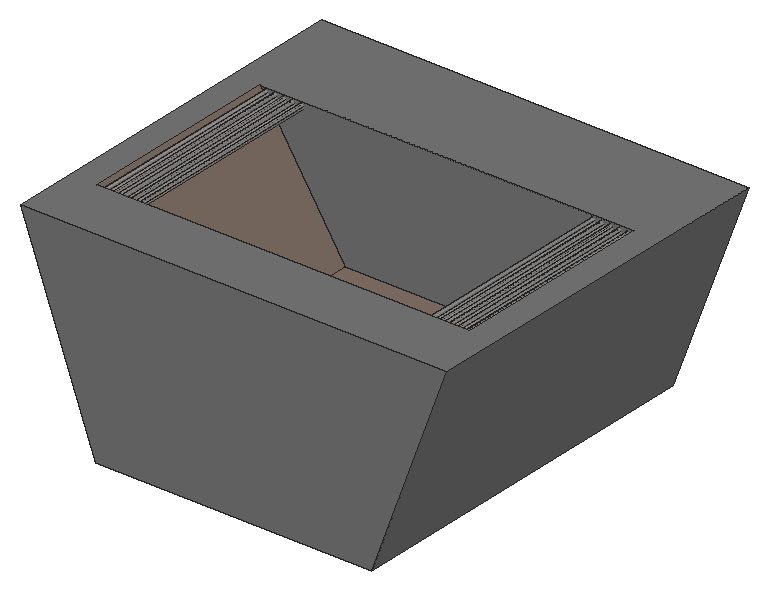
Revit family "Fireplace_Wood_HeatNGlo_Montana", category Mechanical Equipment, host Face, Revit 2015
Parameters (values of type "42x24 Viewing Area Gas Burning LP")
  topventrad [instance] = Top Vent Diameter / 2  # 0' - 4"
  Warranty Duration (Years) = 0
  Unit Width = 4' - 0"
  Unit Weight = 250
  Unit Height = 3' - 6 3/8"
  Unit Depth = 1' - 11"
  URL = "http://www.heatnglo.com/"
  Test Data = ""
  Standards Conformance = "as Specified"
  Specification = "http://www.arcat.com/sdspecs/htm04/10_31_06hng.htm"
  SpecWizard = ""
  Send Message = "http://www.arcat.com/users.pl?action=UserEmail&amp;company=Heat+and+Glo<sup><small></small></sup>&amp;coid=33011&amp;rep=144&amp;fax=&amp;mf=95"
  Sales Information = "http://www.heatnglo.com/Contact-Us.aspx"
  Safety Screen Material [instance] = Metal - HeatNGlo - Steel Screen
  Revision = "R2_2014-11"
  Recess Into Host [instance] = 2' - 0"
  Rear Wall Finish [instance] = Masonry - HeatNGlo - Brick as Specified
  Rear Width = 2' - 7"
  Product Properties = ""
  Product Data = "http://www.arcat.com/arcatcos/cos33/arc33011.html"
  Opening Width = 3' - 6"
  Opening Height = 1' - 11 1/2"
  Mounting Height [instance] = 1' - 10.76867"
  Model = "MONTANA-42"
  Manufacturer Website = "http://www.heatnglo.com/"
  Manufacturer Phone - Toll Free = "800-669-HEAT (4328)"
  Manufacturer Phone = ""
  Manufacturer Fax = ""
  Manufacturer Address = "7571 215th St. W.  Lakeville, MN 55044"
  Manufacturer = "Heat & Glo"
  Maintenance Schedule (Months) = 0
  Keynote = "10305"
  Installation-Fabrication = ""
  Installation Phase = ""
  Include Bifold Door [instance] = yes
  Heating Capacity = "as Specified"
  HVAC_BTU Output = 0.0 Btu/h
  HVAC_BTU Input = 0.0 Btu/h
  Green Building-LEED = ""
  Glazing Tint [instance] = Glazing - HeatNGlo - Clear
  Fuel Type = "LP"
  Fuel Consumption = "as Specified"
  Fixture Finish = Metal - HeatNGlo - Metallic Black
  Expected Lifespan (Years) = 0
  Top Vent Diameter [instance] = 0' - 8"
  Efficiency Ratings = "as Specified"
  Drawn By = "Sumex Design, Inc. / Robert S. Weygant, CSI, CDT, SCIP"
  Door Finish [instance] = Metal - HeatNGlo - Bronze
  Description = "Heat & Glo Gas Burning Outdoor Fireplace - MONTANA-42 as Specified"
  Default Elevation = 0' - 0"
  Copyright = "©Arcat Inc."
  Construction Details = "http://www.arcat.com/details/heatnglo/heatnglo.html?coid=33011"
  Building Codes = ""
  Assembly Code = "D3020"
Types (6): name | Unit Width | Unit Weight | Rear Width | Opening Width | Model | Fuel Type | Description
  42x24 Viewing Area Gas Burning LP | 4' - 0" | 250 | 2' - 7" | 3' - 6" | "MONTANA-42" | "LP" | "Heat & Glo Gas Burning Outdoor Fireplace - MONTANA-42 as Specified"
  42x24 Viewing Area Gas Burning NG | 4' - 0" | 250 | 2' - 7" | 3' - 6" | "MONTANA-42" | "NG" | "Heat & Glo Gas Burning Outdoor Fireplace - MONTANA-42 as Specified"
  42x24 Viewing Area Wood Burning | 4' - 0" | 250 | 2' - 7" | 3' - 6" | "MONTANA-42" | "Wood" | "Heat & Glo Woodburning Outdoor Fireplace - MONTANA-42 as Specified"
  36x24 Viewing Area Gas Burning LP | 3' - 6" | 221 | 2' - 1" | 3' - 0" | "MONTANA-36" | "LP" | "Heat & Glo Gas Burning Outdoor Fireplace - MONTANA-36 as Specified"
  36x24 Viewing Area Gas Burning NG | 3' - 6" | 221 | 2' - 1" | 3' - 0" | "MONTANA-36" | "NG" | "Heat & Glo Gas Burning Outdoor Fireplace - MONTANA-36 as Specified"
  36x24 Viewing Area Wood Burning | 3' - 6" | 221 | 2' - 1" | 3' - 0" | "MONTANA-36" | "Wood" | "Heat & Glo Woodburning Outdoor Fireplace - MONTANA-36 as Specified"
Reference planes (in)
  plane 1 "Opening CL": y = 0
  plane 2: z = 0
  plane 3 "Center (Left/Right)": x = 0
  plane 4: z = -24
  plane 5 "Front": z = -1
  plane 6: x = -21
  plane 7: x = 21
  plane 8: y = 11.8125
  plane 9 "FF": y = -41.20617
  plane 10: y = -18.4375
  plane 11: y = -11.6875
  plane 12: x = -15.5
  plane 13: x = 15.5
  plane 14: x = -24
  plane 15: x = 24
  plane 16: x = -22.9375
  plane 17: x = 22.9375
Forms (in)
  Extrusion 1, void
    sketch origin (0, 0, 0) x (1, 0, 0) y (0, 1, 0)
      loop
        line (24, 20.3125) -> (-24, 20.3125) -> (-24, -18.4375) -> (24, -18.4375) -> (24, 20.3125)
    from -24 to 5.63952
  Extrusion 2, solid, material "Metal - HeatNGlo - Metallic Black" <- "Fixture Finish"
    sketch origin (-6.5, -18.4375, 48) x (1, 0, 0) y (0, 0, 1)
      loop
        line (-9, -72) -> (22, -72) -> (30.5, -49) -> (-17.5, -49) -> (-9, -72)
    from 0 to -7
  Extrusion 3, solid, material "Metal - HeatNGlo - Metallic Black" <- "Fixture Finish"
    sketch origin (0, 0, 0) x (1, 0, 0) y (0, 0, 1)
      loop
        line (-24, -1) -> (-15.5, -24) -> (15.5, -24) -> (24, -1) -> (21, -1) -> (11.5, -16) -> (-11.5, -16) -> (-21, -1) -> (-24, -1)
    from -11.8125 to 11.6875
  Extrusion 4, solid, material "Metal - HeatNGlo - Metallic Black" <- "Fixture Finish"
    sketch origin (-6.5, -18.4375, 48) x (1, 0, 0) y (0, 0, 1)
      loop
        line (-9, -72) -> (22, -72) -> (30.5, -49) -> (-17.5, -49) -> (-9, -72)
    from -30 to -42.375
  Extrusion 5, solid, material "Metal - HeatNGlo - Steel Screen" <- "Safety Screen Material"
    sketch origin (-21.8749, -11.6875, 48) x (-1, 0, 0) y (0, 0, 1)
      loop
        arc (-1.25201, -49.5625) -> (-1.50201, -49.3125) -> (-1.75201, -49.5625) r 0.25
        arc (-1.75201, -49.5625) -> (-2.00201, -49.8125) -> (-2.25201, -49.5625) r 0.25
        arc (-2.25201, -49.5625) -> (-2.50201, -49.3125) -> (-2.75201, -49.5625) r 0.25
        arc (-2.75201, -49.5625) -> (-3.00201, -49.8125) -> (-3.25201, -49.5625) r 0.25
        arc (-3.25201, -49.5625) -> (-3.50201, -49.3125) -> (-3.75201, -49.5625) r 0.25
        arc (-3.75201, -49.5625) -> (-4.00201, -49.8125) -> (-4.25201, -49.5625) r 0.25
        arc (-4.25201, -49.5625) -> (-4.50201, -49.3125) -> (-4.75201, -49.5625) r 0.25
        arc (-4.75201, -49.5625) -> (-5.00201, -49.8125) -> (-5.25201, -49.5625) r 0.25
        arc (-5.25201, -49.5625) -> (-5.50201, -49.3125) -> (-5.75201, -49.5625) r 0.25
        line (-5.75201, -49.5625) -> (-5.75201, -49.8125) -> (-5.68951, -49.8125) -> (-5.68951, -49.5625)
        arc (-5.68951, -49.5625) -> (-5.50201, -49.375) -> (-5.31451, -49.5625) r 0.1875
        arc (-5.31451, -49.5625) -> (-5.00201, -49.875) -> (-4.68951, -49.5625) r 0.3125
        arc (-4.68951, -49.5625) -> (-4.50201, -49.375) -> (-4.31451, -49.5625) r 0.1875
        arc (-4.31451, -49.5625) -> (-4.00201, -49.875) -> (-3.68951, -49.5625) r 0.3125
        arc (-3.68951, -49.5625) -> (-3.50201, -49.375) -> (-3.31451, -49.5625) r 0.1875
        arc (-3.31451, -49.5625) -> (-3.00201, -49.875) -> (-2.68951, -49.5625) r 0.3125
        arc (-2.68951, -49.5625) -> (-2.50201, -49.375) -> (-2.31451, -49.5625) r 0.1875
        arc (-2.31451, -49.5625) -> (-2.00201, -49.875) -> (-1.68951, -49.5625) r 0.3125
        arc (-1.68951, -49.5625) -> (-1.50201, -49.375) -> (-1.31451, -49.5625) r 0.1875
        line (-1.31451, -49.5625) -> (-1.25201, -49.5625)
      loop
        line (-42.49779, -49.5625) -> (-42.43529, -49.5625)
        arc (-42.43529, -49.5625) -> (-42.24779, -49.375) -> (-42.06029, -49.5625) r 0.1875
        arc (-42.06029, -49.5625) -> (-41.74779, -49.875) -> (-41.43529, -49.5625) r 0.3125
        arc (-41.43529, -49.5625) -> (-41.24779, -49.375) -> (-41.06029, -49.5625) r 0.1875
        arc (-41.06029, -49.5625) -> (-40.74779, -49.875) -> (-40.43529, -49.5625) r 0.3125
        arc (-40.43529, -49.5625) -> (-40.24779, -49.375) -> (-40.06029, -49.5625) r 0.1875
        arc (-40.06029, -49.5625) -> (-39.74779, -49.875) -> (-39.43529, -49.5625) r 0.3125
        arc (-39.43529, -49.5625) -> (-39.24779, -49.375) -> (-39.06029, -49.5625) r 0.1875
        arc (-39.06029, -49.5625) -> (-38.74779, -49.875) -> (-38.43529, -49.5625) r 0.3125
        arc (-38.43529, -49.5625) -> (-38.24779, -49.375) -> (-38.06029, -49.5625) r 0.1875
        line (-38.06029, -49.5625) -> (-38.06029, -49.8125) -> (-37.99779, -49.8125) -> (-37.99779, -49.5625)
        arc (-37.99779, -49.5625) -> (-38.24779, -49.3125) -> (-38.49779, -49.5625) r 0.25
        arc (-38.49779, -49.5625) -> (-38.74779, -49.8125) -> (-38.99779, -49.5625) r 0.25
        arc (-38.99779, -49.5625) -> (-39.24779, -49.3125) -> (-39.49779, -49.5625) r 0.25
        arc (-39.49779, -49.5625) -> (-39.74779, -49.8125) -> (-39.99779, -49.5625) r 0.25
        arc (-39.99779, -49.5625) -> (-40.24779, -49.3125) -> (-40.49779, -49.5625) r 0.25
        arc (-40.49779, -49.5625) -> (-40.74779, -49.8125) -> (-40.99779, -49.5625) r 0.25
        arc (-40.99779, -49.5625) -> (-41.24779, -49.3125) -> (-41.49779, -49.5625) r 0.25
        arc (-41.49779, -49.5625) -> (-41.74779, -49.8125) -> (-41.99779, -49.5625) r 0.25
        arc (-41.99779, -49.5625) -> (-42.24779, -49.3125) -> (-42.49779, -49.5625) r 0.25
    from 0 to 23.5
  Extrusion 6, solid
    sketch origin (-6.5, -18.4375, 48) x (1, 0, 0) y (0, 0, 1)
      loop
        circle (6.5, -63) r 4
    from -42.375 to -39.01121
Cuts and joins
  joined: Extrusion 2, Extrusion 3, Extrusion 4
Dimensions and locks (in)
  "Recess Into Host": level to plane 4
  "Unit Depth": plane 5 "Front" to plane 4
  equal spacing: plane 6, plane 3 "Center (Left/Right)", plane 7
  "Opening Width": plane 6 to plane 7
  "Mounting Height": plane 10 to plane 9 "FF"
  locked: plane 10 to plane 11 at 6.75
  "Opening Height": plane 8 to plane 11
  locked: plane 5 "Front" to Extrusion 3 sketch curve at 15
  equal spacing: plane 14, plane 3 "Center (Left/Right)", plane 15
  equal spacing: plane 12, plane 3 "Center (Left/Right)", plane 13
  "Rear Width": plane 12 to plane 13
  "Unit Width": plane 14 to plane 15
  locked: Extrusion 3 sketch curve to plane 12 at 4
  locked: plane 13 to Extrusion 3 sketch curve at 4
  locked: plane 5 "Front" to Extrusion 6 sketch curve at 14
  locked: plane 14 to plane 16 at 1.0625
  locked: plane 17 to plane 15 at 1.0625
  locked: plane 10 to Extrusion 1 sketch curve at 38.75
  aligned and locked: plane 2 to host face
  aligned and locked: level to host face
  aligned: Extrusion 1 to plane 5 "Front"
  aligned and locked: Extrusion 1 to plane 4
  aligned and locked: Extrusion 2 sketch curve to plane 5 "Front"
  aligned and locked: Extrusion 2 sketch curve to plane 4
  aligned: Extrusion 2 to plane 11
  aligned and locked: Extrusion 3 to plane 8
  aligned and locked: Extrusion 3 to plane 11
  aligned and locked: plane 5 "Front" to Extrusion 4 sketch curve
  aligned and locked: Extrusion 4 sketch curve to plane 4
  aligned: Extrusion 4 to plane 8
  aligned and locked: plane 8 to Extrusion 5
  aligned and locked: plane 13 to Extrusion 2 sketch curve
  aligned and locked: plane 12 to Extrusion 2 sketch curve
  aligned and locked: plane 15 to Extrusion 2 sketch curve
  aligned and locked: plane 14 to Extrusion 2 sketch curve
  aligned and locked: plane 14 to Extrusion 4 sketch curve
  aligned and locked: plane 15 to Extrusion 4 sketch curve
  aligned and locked: plane 13 to Extrusion 4 sketch curve
  aligned and locked: plane 12 to Extrusion 4 sketch curve
  aligned and locked: plane 15 to Extrusion 3 sketch curve
  aligned and locked: plane 7 to Extrusion 3 sketch curve
  aligned and locked: plane 6 to Extrusion 3 sketch curve
  aligned and locked: plane 14 to Extrusion 3 sketch curve
  aligned and locked: plane 12 to Extrusion 3 sketch curve
  aligned and locked: plane 13 to Extrusion 3 sketch curve
  aligned and locked: Extrusion 1 sketch curve to plane 14
  aligned and locked: plane 15 to Extrusion 1 sketch curve
  aligned and locked: Extrusion 1 sketch curve to plane 10
Automatic sketch dimensions
  host sketch curve to host sketch curve = 8' - 0"
  host sketch curve to host sketch curve = 10' - 4 9/16"
  Extrusion 5 sketch curve to Extrusion 5 sketch curve = 0' - 0"  (x68)
  Extrusion 5 sketch curve to plane 7 = 0' - 0.37711"
  Extrusion 5 sketch curve to Extrusion 5 sketch curve = 0' - 0 1/16"  (x2)
  Extrusion 5 sketch curve to Extrusion 5 sketch curve = 0' - 0 3/16"  (x10)
  Extrusion 5 sketch curve to Extrusion 5 sketch curve = 0' - 0 1/4"  (x9)
  Extrusion 5 sketch curve to plane 5 "Front" = 0' - 0 9/16"  (x2)
  plane 6 to Extrusion 5 sketch curve = 0' - 4.87711"
  Extrusion 5 sketch curve to plane 5 "Front" = 0' - 0 13/16"
  Extrusion 6 sketch curve to plane 3 "Center (Left/Right)" = 0' - 0"
  Extrusion 3 sketch curve to plane 5 "Front" = 0' - 0"  (x2)
  Extrusion 3 sketch curve to plane 4 = 0' - 0"
  radius of Extrusion 6 sketch curve = 0' - 4"
Connectors (in)
  hvac at (0, 23.9375, -15), driven by "topventrad"
    settings: on Extrusion 6, index 1, duct flow 0 CFM, flow factor 0, pres drop 0.00 in-wg, loss coef 0, conn angle 0.00°, conn width 12", conn height 12", conn diameter 8", duct sys type 3, conn prof type 0, flow config 0, flow direction 2, loss method 0, conn ref index -1, conn util no, is conn primary yes, conn desc ""
